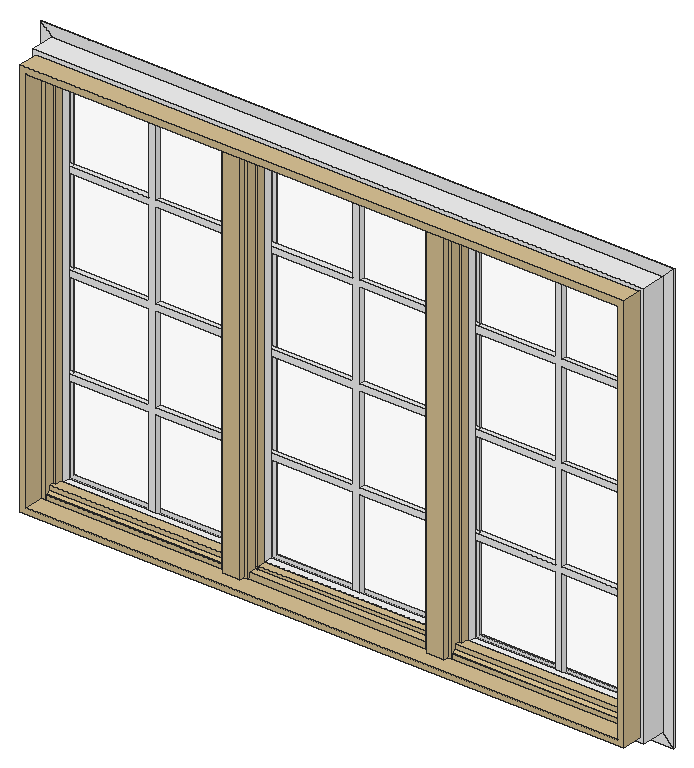
Revit family
Parameters (values of type "C34")
  Description = "400 Series Casement - Triple Sash"
  Default Sill Height = Default Head Height - Height  # 2' - 8"
  Default Head Height = 6' - 8"
  Height = 4' - 0"
  Installation Flange Inset [instance] = 0' - 0 3/4"
  Manufacturer = "Andersen Corporation"
  Construction Type = "Vinyl Clad Wood"
  Model = "C34"
  Type Comments = "Shown w/ Optional Extension Jamb"
  Wall Closure = (empty or 0)
  Width = 5' - 11 7/8"
Types (3): name | Default Sill Height | Height | Model
  (no name) | 2' - 8" | 4' - 0" | "C34"
  C34 | 2' - 8" | 4' - 0" | "C34"
  C345 | 2' - 3 3/16" | 4' - 4 13/16" | "C345"
Reference planes (in)
  plane 1: y = 0
  plane 2: z = 0
  plane 3 "Center": x = -1.33656
  plane 4 "Right": x = -37.27406
  plane 5 "Right": x = 34.60094
  plane 6 "Sill": z = 32
  plane 7 "Head Height": z = 80
  plane 8 "Installation Flange": y = 2.25
  plane 9: z = 45.0658
  plane 10: x = 32.67324
  plane 11: z = 66.9342
  plane 12: z = 34.13159
  plane 13: x = -25.22277
  plane 14: x = -15.10117
  plane 15: x = -35.34437
  plane 16: x = 22.54855
  plane 17: x = 12.42386
  plane 18: z = 77.86841
  plane 19: x = -13.31572
  plane 20: x = 10.64261
  plane 21: x = 8.86136
  plane 22: x = -11.53447
  plane 23: z = 56
  plane 24: x = -36.13006
  plane 25: z = 56
  plane 26: x = -35.58306
  plane 27: x = -14.86272
  plane 28: x = -11.76872
  plane 29: x = 9.09561
Forms (in)
  Sweep 1, solid
    path origin (0, 0, 0) x (0, 0, -1) y (1, 0, 0)
      loop
        line (-32, 34.60094) -> (-80, 34.60094) -> (-80, -37.27406) -> (-32, -37.27406) -> (-32, 34.60094)
    profile origin (-1.33656, 0, 0) x (0, 0, -1) y (0, -1, 0)
      loop
        line (-30.75, -2.25) -> (-32, -2.25) -> (-32, -2.375) -> (-30.75, -2.375) -> (-30.75, -2.25)
  Sweep 2, solid
    path origin (0, 2.5975, 0) x (0, 0, -1) y (1, 0, 0)
      loop
        line (-32, -14.00322) -> (-32, -36.69431)
    profile origin (-25.34876, 2.5975, 0) x (0, 0, -1) y (0, -1, 0)
      loop
        line (-78.07301, -0.652) -> (-78.01692, -0.21179) -> (-77.59914, -0.19789) -> (-77.49341, 0) -> (-78.12236, 0) -> (-78.12236, 0.625) -> (-77.59336, 0.625) -> (-77.71221, 1.348) -> (-78.39817, 1.348) -> (-78.49115, 0.8165) -> (-79.21636, 0.8165) -> (-79.21636, -0.652) -> (-78.07301, -0.652)
      loop
        line (-34.25943, 1.348) -> (-34.37828, 0.625) -> (-33.87764, 0.625) -> (-33.87764, 0) -> (-34.50659, 0) -> (-34.40086, -0.19789) -> (-33.98308, -0.21179) -> (-33.92699, -0.652) -> (-32.78364, -0.652) -> (-32.78364, 0.8165) -> (-33.50885, 0.8165) -> (-33.60183, 1.348) -> (-34.25943, 1.348)
  Sweep 3, solid
    path origin (0, 2.5975, 0) x (0, 0, -1) y (1, 0, 0)
      loop
        line (-32, 34.60094) -> (-32, -37.27406)
    profile origin (-1.33656, 2.5975, 0) x (0, 0, -1) y (0, -1, 0)
      loop
        line (-80, -0.9645) -> (-79.31202, -0.9645) -> (-79.31202, 0.8165) -> (-78.576, 0.8165) -> (-78.576, 3.1955) -> (-80, 3.1955) -> (-80, -0.9645)
      loop
        line (-32.68798, -0.9645) -> (-32, -0.9645) -> (-32, 3.1955) -> (-33.424, 3.1955) -> (-33.424, 0.8165) -> (-32.68798, 0.8165) -> (-32.68798, -0.9645)
  Sweep 4, solid
    path origin (0, 2.5975, 0) x (0, 0, -1) y (1, 0, 0)
      loop
        line (-32, 33.25234) -> (-32, 11.89261)
    profile origin (22.57248, 2.5975, 0) x (0, 0, -1) y (0, -1, 0)
      loop
        line (-78.576, 1.348) -> (-77.699, 1.348) -> (-77.699, 2.34528) -> (-78.059, 2.3655) -> (-78.059, 3.348) -> (-78.85725, 3.348) -> (-78.85725, 3.1955) -> (-78.576, 3.1955) -> (-78.576, 1.348)
      loop
        line (-33.424, 1.348) -> (-33.424, 3.1955) -> (-33.15575, 3.1955) -> (-33.15575, 3.348) -> (-33.707, 3.348) -> (-33.707, 3.2155) -> (-34.019, 2.9305) -> (-34.553, 2.88793) -> (-34.553, 1.6315) -> (-34.255, 1.348) -> (-33.424, 1.348)
  Sweep 5, solid
    path origin (0, 2.5975, 0) x (0, 0, -1) y (1, 0, 0)
      loop
        line (-32, 34.14394) -> (-32, -36.81706)
    profile origin (-1.33656, 2.5975, 0) x (0, 0, -1) y (0, -1, 0)
      loop
        line (-79.54425, 5.5975) -> (-79.54425, 3.1955) -> (-78.85725, 3.1955) -> (-78.85725, 5.5975) -> (-79.54425, 5.5975)
      loop
        line (-33.15575, 5.5975) -> (-33.15575, 3.1955) -> (-32.46875, 3.1955) -> (-32.46875, 5.5975) -> (-33.15575, 5.5975)
  Sweep 6, solid
    path origin (0, 2.5975, 0) x (0, 0, -1) y (1, 0, 0)
      loop
        line (-32.78364, -37.27406) -> (-79.21636, -37.27406)
    profile origin (0, 2.5975, 56) x (-1, 0, 0) y (0, -1, 0)
      loop
        line (34.97135, 0) -> (35.07709, -0.19789) -> (35.49486, -0.21179) -> (35.55096, -0.652) -> (36.69431, -0.652) -> (36.69431, 0.8165) -> (35.9691, 0.8165) -> (35.87612, 1.348) -> (35.19016, 1.348) -> (35.07131, 0.625) -> (35.60031, 0.625) -> (35.60031, 0) -> (34.97135, 0)
      loop
        line (15.47617, 0) -> (14.84722, 0) -> (14.84722, 0.625) -> (15.37622, 0.625) -> (15.25737, 1.348) -> (14.57141, 1.348) -> (14.47843, 0.8165) -> (13.75322, 0.8165) -> (13.75322, -0.652) -> (14.89657, -0.652) -> (14.95267, -0.21179) -> (15.37044, -0.19789) -> (15.47617, 0)
  Sweep 7, solid
    path origin (0, 0, 0) x (0, 0, -1) y (1, 0, 0)
      loop
        line (-79.54425, -37.27406) -> (-32.46875, -37.27406)
    profile origin (0, 0, 56.0065) x (0, -1, 0) y (1, 0, 0)
      loop
        line (0.598, -36.81706) -> (3, -36.81706) -> (3, -36.13006) -> (0.598, -36.13006) -> (0.598, -36.81706)
      loop
        line (0.598, 34.14394) -> (0.598, 33.45694) -> (3, 33.45694) -> (3, 34.14394) -> (0.598, 34.14394)
  Sweep 8, solid
    path origin (0, 2.5975, 0) x (0, 0, -1) y (1, 0, 0)
      loop
        line (-32, 34.60094) -> (-80, 34.60094)
    profile origin (0, 2.5975, 56) x (-1, 0, 0) y (0, -1, 0)
      loop
        line (-34.11494, 0.8165) -> (-33.45694, 0.8165) -> (-33.45694, 3.1955) -> (-34.60094, 3.1955) -> (-34.60094, -0.9645) -> (-34.11494, -0.9645) -> (-34.11494, 0.8165)
      loop
        line (36.78806, 0.8165) -> (36.78806, -0.9645) -> (37.27406, -0.9645) -> (37.27406, 3.1955) -> (36.13006, 3.1955) -> (36.13006, 0.8165) -> (36.78806, 0.8165)
  Sweep 9, solid
    path origin (0, 0, 0) x (0, 0, -1) y (1, 0, 0)
      loop
        line (-78.85725, -37.27406) -> (-33.15575, -37.27406)
    profile origin (0, 0, 56.0065) x (0, -1, 0) y (1, 0, 0)
      loop
        line (0.768, -36.13006) -> (0.768, -35.58306) -> (-0.232, -35.58306) -> (-0.25222, -35.22306) -> (-1.2495, -35.22306) -> (-1.2495, -36.13006) -> (0.768, -36.13006)
      loop
        line (0.768, -14.31572) -> (-1.2495, -14.31572) -> (-1.2495, -15.22272) -> (-0.25222, -15.22272) -> (-0.232, -14.86272) -> (0.768, -14.86272) -> (0.768, -14.31572)
      loop
        line (0.768, 11.64261) -> (0.768, 12.18961) -> (-0.232, 12.18961) -> (-0.25222, 12.54961) -> (-1.2495, 12.54961) -> (-1.2495, 11.64261) -> (0.768, 11.64261)
      loop
        line (0.768, 33.45694) -> (-1.2495, 33.45694) -> (-1.2495, 32.54994) -> (-0.25222, 32.54994) -> (-0.232, 32.90994) -> (0.768, 32.90994) -> (0.768, 33.45694)
      loop
        line (0.768, 9.64261) -> (-1.2495, 9.64261) -> (-1.2495, 8.73561) -> (-0.25222, 8.73561) -> (-0.232, 9.09561) -> (0.768, 9.09561) -> (0.768, 9.64261)
      loop
        line (0.768, -12.31572) -> (0.768, -11.76872) -> (-0.232, -11.76872) -> (-0.25222, -11.40872) -> (-1.2495, -11.40872) -> (-1.2495, -12.31572) -> (0.768, -12.31572)
  Extrusion 10, solid
    sketch origin (0, 2.5975, 0) x (0, 0, 1) y (1, 0, 0)
      loop
        line (67.3092, -35.34437) -> (67.3092, -25.59777) -> (77.86841, -25.59777) -> (77.86841, -24.84777) -> (67.3092, -24.84777) -> (67.3092, -15.10117) -> (66.5592, -15.10117) -> (66.5592, -24.84777) -> (56.375, -24.84777) -> (56.375, -15.10117) -> (55.625, -15.10117) -> (55.625, -24.84777) -> (45.4408, -24.84777) -> (45.4408, -15.10117) -> (44.6908, -15.10117) -> (44.6908, -24.84777) -> (34.13159, -24.84777) -> (34.13159, -25.59777) -> (44.6908, -25.59777) -> (44.6908, -35.34437) -> (45.4408, -35.34437) -> (45.4408, -25.59777) -> (55.625, -25.59777) -> (55.625, -35.34437) -> (56.375, -35.34437) -> (56.375, -25.59777) -> (66.5592, -25.59777) -> (66.5592, -35.34437) -> (67.3092, -35.34437)
    from -0.625 to 0
  Extrusion 11, solid
    sketch origin (0, 2.5975, 0) x (0, 0, -1) y (1, 0, 0)
      loop
        line (-34.13159, -15.10117) -> (-77.875, -15.10117) -> (-77.875, -35.34437) -> (-34.13159, -35.34437) -> (-34.13159, -15.10117)
    from 0 to 0.625
  Sweep 12, solid
    path origin (0, 2.5975, 0) x (0, 0, -1) y (1, 0, 0)
      loop
        line (-78.85725, -1.33656) -> (-33.15575, -1.33656)
    profile origin (0, 2.5975, 56.0065) x (0, -1, 0) y (1, 0, 0)
      loop
        line (2.88793, -14.31572) -> (3.8655, -14.31572) -> (3.8655, -12.31572) -> (2.88793, -12.31572) -> (2.88793, -14.31572)
      loop
        line (2.88793, 11.64261) -> (2.88793, 9.64261) -> (3.8655, 9.64261) -> (3.8655, 11.64261) -> (2.88793, 11.64261)
  Sweep 13, solid
    path origin (0, 2.5975, 0) x (0, 0, -1) y (1, 0, 0)
      loop
        line (-32.78364, 32.67324) -> (-78.87598, 32.67324)
    profile origin (0, 2.5975, 55.82981) x (-1, 0, 0) y (0, -1, 0)
      loop
        line (-32.29824, 0) -> (-32.92719, 0) -> (-32.92719, 0.625) -> (-32.39819, 0.625) -> (-32.51704, 1.348) -> (-33.203, 1.348) -> (-33.29599, 0.8165) -> (-34.02119, 0.8165) -> (-34.02119, -0.652) -> (-32.87785, -0.652) -> (-32.82175, -0.21179) -> (-32.40398, -0.19789) -> (-32.29824, 0)
      loop
        line (-12.80306, 0) -> (-12.69733, -0.19789) -> (-12.27956, -0.21179) -> (-12.22346, -0.652) -> (-11.08011, -0.652) -> (-11.08011, 0.8165) -> (-11.80532, 0.8165) -> (-11.8983, 1.348) -> (-12.58426, 1.348) -> (-12.70311, 0.625) -> (-12.17411, 0.625) -> (-12.17411, 0) -> (-12.80306, 0)
  Sweep 14, solid
    path origin (0, 2.5975, 0) x (0, 0, -1) y (1, 0, 0)
      loop
        line (-32.68798, 34.02119) -> (-32.68798, 11.08011)
    profile origin (22.55065, 2.5975, 0) x (0, 0, -1) y (0, -1, 0)
      loop
        line (-78.07363, -0.652) -> (-78.01753, -0.21179) -> (-77.59976, -0.19789) -> (-77.49402, 0) -> (-78.12298, 0) -> (-78.12298, 0.625) -> (-77.59398, 0.625) -> (-77.71282, 1.348) -> (-78.39879, 1.348) -> (-78.49177, 0.8165) -> (-79.21636, 0.8165) -> (-79.21636, -0.652) -> (-78.07363, -0.652)
      loop
        line (-34.28779, 1.348) -> (-34.40664, 0.625) -> (-33.87764, 0.625) -> (-33.87764, 0) -> (-34.50659, 0) -> (-34.40086, -0.19789) -> (-33.98308, -0.21179) -> (-33.92699, -0.652) -> (-32.78364, -0.652) -> (-32.78364, 0.8165) -> (-33.50885, 0.8165) -> (-33.60183, 1.348) -> (-34.28779, 1.348)
  Sweep 15, solid
    path origin (0, 2.5975, 0) x (0, 0, -1) y (1, 0, 0)
      loop
        line (-79.31202, -1.33656) -> (-32.68798, -1.33656)
    profile origin (0, 2.5975, 56) x (0, -1, 0) y (1, 0, 0)
      loop
        line (0.8165, 9.64261) -> (2.88793, 9.64261) -> (2.88793, 11.64261) -> (0.8165, 11.64261) -> (0.8165, 11.04546) -> (-0.9645, 10.88964) -> (-0.9645, 10.39558) -> (0.8165, 10.23976) -> (0.8165, 9.64261)
      loop
        line (0.8165, -14.31572) -> (2.88793, -14.31572) -> (2.88793, -12.31572) -> (0.8165, -12.31572) -> (0.8165, -12.91287) -> (-0.9645, -13.06869) -> (-0.9645, -13.56275) -> (0.8165, -13.71857) -> (0.8165, -14.31572)
  Extrusion 16, solid
    sketch origin (0, 2.5975, 0) x (0, 0, -1) y (1, 0, 0)
      loop
        line (-77.875, 32.67324) -> (-77.875, 12.42386) -> (-34.13159, 12.42386) -> (-34.13159, 32.67324) -> (-77.875, 32.67324)
    from 0 to 0.625
  Extrusion 17, solid
    sketch origin (0, 2.5975, 0) x (0, 0, -1) y (1, 0, 0)
      loop
        line (-44.6908, 22.92355) -> (-44.6908, 32.67324) -> (-45.4408, 32.67324) -> (-45.4408, 22.92355) -> (-55.625, 22.92355) -> (-55.625, 32.67324) -> (-56.375, 32.67324) -> (-56.375, 22.92355) -> (-66.5592, 22.92355) -> (-66.5592, 32.67324) -> (-67.3092, 32.67324) -> (-67.3092, 22.92355) -> (-77.86841, 22.92355) -> (-77.86841, 22.17355) -> (-67.3092, 22.17355) -> (-67.3092, 12.42386) -> (-66.5592, 12.42386) -> (-66.5592, 22.17355) -> (-56.375, 22.17355) -> (-56.375, 12.42386) -> (-55.625, 12.42386) -> (-55.625, 22.17355) -> (-45.4408, 22.17355) -> (-45.4408, 12.42386) -> (-44.6908, 12.42386) -> (-44.6908, 22.17355) -> (-34.13159, 22.17355) -> (-34.13159, 22.92355) -> (-44.6908, 22.92355)
    from 0 to 0.625
  Sweep 18, solid
    path origin (0, 2.5975, 0) x (0, 0, -1) y (1, 0, 0)
      loop
        line (-32.78364, 9.64261) -> (-79.21636, 9.64261)
    profile origin (0, 2.5975, 56) x (-1, 0, 0) y (0, -1, 0)
      loop
        line (11.15527, 0) -> (11.26101, -0.19789) -> (11.67878, -0.21179) -> (11.73487, -0.652) -> (12.87822, -0.652) -> (12.87822, 0.8165) -> (12.15302, 0.8165) -> (12.06003, 1.348) -> (11.37407, 1.348) -> (11.25522, 0.625) -> (11.78422, 0.625) -> (11.78422, 0) -> (11.15527, 0)
      loop
        line (-8.48216, 0) -> (-9.11111, 0) -> (-9.11111, 0.625) -> (-8.58211, 0.625) -> (-8.70096, 1.348) -> (-9.38692, 1.348) -> (-9.4799, 0.8165) -> (-10.20511, 0.8165) -> (-10.20511, -0.652) -> (-9.06176, -0.652) -> (-9.00567, -0.21179) -> (-8.58789, -0.19789) -> (-8.48216, 0)
  Sweep 19, solid
    path origin (0, 2.5975, 0) x (0, 0, -1) y (1, 0, 0)
      loop
        line (-32.68798, 10.20511) -> (-32.68798, -12.87822)
    profile origin (-1.33656, 2.5975, 0) x (0, 0, -1) y (0, -1, 0)
      loop
        line (-78.07363, -0.652) -> (-78.01753, -0.21179) -> (-77.59976, -0.19789) -> (-77.49402, 0) -> (-78.12298, 0) -> (-78.12298, 0.625) -> (-77.59398, 0.625) -> (-77.71282, 1.348) -> (-78.39879, 1.348) -> (-78.49177, 0.8165) -> (-79.21636, 0.8165) -> (-79.21636, -0.652) -> (-78.07363, -0.652)
      loop
        line (-34.28779, 1.348) -> (-34.40664, 0.625) -> (-33.87764, 0.625) -> (-33.87764, 0) -> (-34.50659, 0) -> (-34.40086, -0.19789) -> (-33.98308, -0.21179) -> (-33.92699, -0.652) -> (-32.78364, -0.652) -> (-32.78364, 0.8165) -> (-33.50885, 0.8165) -> (-33.60183, 1.348) -> (-34.28779, 1.348)
  Extrusion 20, solid
    sketch origin (0, 2.5975, 0) x (0, 0, -1) y (1, 0, 0)
      loop
        line (-77.86841, 8.86136) -> (-77.86841, -11.53447) -> (-34.13159, -11.53447) -> (-34.13159, 8.86136) -> (-77.86841, 8.86136)
    from 0 to 0.625
  Extrusion 21, solid
    sketch origin (0, 2.5975, 0) x (0, 0, -1) y (1, 0, 0)
      loop
        line (-44.6908, -1.61563) -> (-34.13159, -1.61563) -> (-34.13159, -0.86563) -> (-44.6908, -0.86563) -> (-44.6908, 8.86136) -> (-45.4408, 8.86136) -> (-45.4408, -0.86563) -> (-55.625, -0.86563) -> (-55.625, 8.86136) -> (-56.375, 8.86136) -> (-56.375, -0.86563) -> (-66.5592, -0.86563) -> (-66.5592, 8.86136) -> (-67.3092, 8.86136) -> (-67.3092, -0.86563) -> (-77.86841, -0.86563) -> (-77.86841, -1.61563) -> (-67.3092, -1.61563) -> (-67.3092, -11.53447) -> (-66.5592, -11.53447) -> (-66.5592, -1.61563) -> (-56.375, -1.61563) -> (-56.375, -11.53447) -> (-55.625, -11.53447) -> (-55.625, -1.61563) -> (-45.4408, -1.61563) -> (-45.4408, -11.53447) -> (-44.6908, -11.53447) -> (-44.6908, -1.61563)
    from 0 to 0.625
  Sweep 22, solid
    path origin (-47.77442, 2.5975, 0) x (0, 0, -1) y (1, 0, 0)
      loop
        line (-32, 32.91169) -> (-32, 12.19136)
    profile origin (-25.22289, 2.5975, 0) x (0, 0, -1) y (0, -1, 0)
      loop
        line (-78.576, 1.348) -> (-77.699, 1.348) -> (-77.699, 2.34528) -> (-78.059, 2.3655) -> (-78.059, 3.348) -> (-78.85725, 3.348) -> (-78.85725, 3.1955) -> (-78.576, 3.1955) -> (-78.576, 1.348)
      loop
        line (-33.424, 1.348) -> (-33.424, 3.1955) -> (-33.15575, 3.1955) -> (-33.15575, 3.348) -> (-33.707, 3.348) -> (-33.707, 3.2155) -> (-34.019, 2.9305) -> (-34.553, 2.88793) -> (-34.553, 1.6315) -> (-34.255, 1.348) -> (-33.424, 1.348)
  Sweep 23, solid
    path origin (-23.81188, 2.5975, 0) x (0, 0, -1) y (1, 0, 0)
      loop
        line (-32, 32.90749) -> (-32, 12.04316)
    profile origin (-1.33656, 2.5975, 0) x (0, 0, -1) y (0, -1, 0)
      loop
        line (-78.576, 1.348) -> (-77.699, 1.348) -> (-77.699, 2.34528) -> (-78.059, 2.3655) -> (-78.059, 3.348) -> (-78.85725, 3.348) -> (-78.85725, 3.1955) -> (-78.576, 3.1955) -> (-78.576, 1.348)
      loop
        line (-33.424, 1.348) -> (-33.424, 3.1955) -> (-33.15575, 3.1955) -> (-33.15575, 3.348) -> (-33.88001, 3.348) -> (-33.88001, 2.3779) -> (-34.255, 2.348) -> (-34.255, 1.348) -> (-33.424, 1.348)
Cuts and joins
  joined: Sweep 2, Sweep 6
  joined: Sweep 5, Sweep 7
  joined: Sweep 3, Sweep 8
  joined: Sweep 13, Sweep 14
  joined: Sweep 4, Sweep 9
  joined: Sweep 18, Sweep 19
Lines and regions (in)
  Opening 1
    outline origin (-60, -3, 0) x (1, 0, 0) y (0, 0, 1)
      loop
        line (22.47594, 80.25) -> (22.47594, 31.75) -> (94.85094, 31.75) -> (94.85094, 80.25) -> (22.47594, 80.25)
  symbolic lines, style "Elevation Swing"
    curve 1: line (32.19937, 0, 55.98564) -> (12.4438, 0, 78.22853)
    curve 2: line (32.19937, 0, 55.98564) -> (12.4438, 0, 33.60013)
    curve 3: line (-34.8705, 0, 55.83968) -> (-15.12111, 0, 78.22853)
    curve 4: line (-34.8705, 0, 55.83968) -> (-15.12111, 0, 33.60013)
  symbolic lines
    curve 5: line (-37.27406, 3.562, 0) -> (-37.27406, -0.598, 0)
    curve 6: line (-36.13006, 3.562, 0) -> (-37.27406, 3.562, 0)
    curve 7: line (-36.81706, -0.598, 0) -> (-36.81706, -3, 0)
    curve 8: line (-37.27406, -0.598, 0) -> (-36.81706, -0.598, 0)
    curve 9: line (-36.13006, 3.2495, 0) -> (-36.13006, 3.562, 0)
    curve 10: line (-34.97135, 3.2495, 0) -> (-36.13006, 3.2495, 0)
    curve 11: line (-36.13006, 1.2495, 0) -> (-34.97135, 1.2495, 0)
    curve 12: line (-34.97135, 1.2495, 0) -> (-34.97135, 3.2495, 0)
    curve 13: line (-36.13006, -3, 0) -> (-36.13006, 1.2495, 0)
    curve 14: line (-36.81706, -3, 0) -> (-36.13006, -3, 0)
    curve 15: line (-34.97135, 2.5975, 0) -> (-15.65406, 2.5975, 0)
    curve 16: line (-14.31572, 3.562, 0) -> (-12.36856, 3.562, 0)
    curve 17: line (-14.31572, 3.2495, 0) -> (-14.31572, 3.562, 0)
    curve 18: line (-15.45624, 3.2495, 0) -> (-14.31572, 3.2495, 0)
    curve 19: line (-14.31572, 1.2495, 0) -> (-15.45624, 1.2495, 0)
    curve 20: line (-15.45624, 1.2495, 0) -> (-15.45624, 3.2495, 0)
    curve 21: line (-14.31572, -1.268, 0) -> (-14.31572, 1.2495, 0)
    curve 22: line (-14.31572, -1.268, 0) -> (-12.31572, -1.268, 0)
    curve 23: line (-12.36856, 3.2495, 0) -> (-12.36856, 3.562, 0)
    curve 24: line (-11.15527, 3.2495, 0) -> (-12.36856, 3.2495, 0)
    curve 25: line (-12.31572, 1.2495, 0) -> (-11.15527, 1.2495, 0)
    curve 26: line (-11.15527, 1.2495, 0) -> (-11.15527, 3.2495, 0)
    curve 27: line (-12.31572, -1.268, 0) -> (-12.31572, 1.2495, 0)
    curve 28: line (8.08991, 2.5975, 0) -> (-10.98159, 2.5975, 0)
    curve 29: line (34.60094, 3.562, 0) -> (34.60094, -0.598, 0)
    curve 30: line (33.45694, 3.562, 0) -> (34.60094, 3.562, 0)
    curve 31: line (34.14394, -0.598, 0) -> (34.14394, -3, 0)
    curve 32: line (34.60094, -0.598, 0) -> (34.14394, -0.598, 0)
    curve 33: line (33.45694, 3.2495, 0) -> (33.45694, 3.562, 0)
    curve 34: line (32.29824, 3.2495, 0) -> (33.45694, 3.2495, 0)
    curve 35: line (33.45694, 1.2495, 0) -> (32.29824, 1.2495, 0)
    curve 36: line (32.29824, 1.2495, 0) -> (32.29824, 3.2495, 0)
    curve 37: line (33.45694, -3, 0) -> (33.45694, 1.2495, 0)
    curve 38: line (34.14394, -3, 0) -> (33.45694, -3, 0)
    curve 39: line (32.29824, 2.5975, 0) -> (12.97674, 2.5975, 0)
    curve 40: line (11.58977, 3.562, 0) -> (9.69545, 3.562, 0)
    curve 41: line (11.58977, 3.2495, 0) -> (11.58977, 3.562, 0)
    curve 42: line (12.80306, 3.2495, 0) -> (11.58977, 3.2495, 0)
    curve 43: line (11.64261, 1.2495, 0) -> (12.80306, 1.2495, 0)
    curve 44: line (12.80306, 1.2495, 0) -> (12.80306, 3.2495, 0)
    curve 45: line (11.64261, -1.268, 0) -> (11.64261, 1.2495, 0)
    curve 46: line (11.64261, -1.268, 0) -> (9.64261, -1.268, 0)
    curve 47: line (9.69545, 3.2495, 0) -> (9.69545, 3.562, 0)
    curve 48: line (8.48216, 3.2495, 0) -> (9.69545, 3.2495, 0)
    curve 49: line (9.64261, 1.2495, 0) -> (8.48216, 1.2495, 0)
    curve 50: line (8.48216, 1.2495, 0) -> (8.48216, 3.2495, 0)
    curve 51: line (9.64261, -1.268, 0) -> (9.64261, 1.2495, 0)
    curve 52: line (8.08991, 1.9725, 0) -> (-10.98159, 1.9725, 0)
    curve 53: line (32.29824, 1.9725, 0) -> (12.97674, 1.9725, 0)
    curve 54: line (-34.97135, 1.9725, 0) -> (-15.65406, 1.9725, 0)
Text (in)
  text "EXTERIOR" at (-56.58296, 30.41546, 0), in view "Ref. Level"
  text "INTERIOR" at (-58.6888, -13.80711, 0), in view "Ref. Level"
  text "Exterior" at (0, 28.69995, 90.16741), in view "Left"
  text "Exterior" at (0, 18.29385, 125.04747), in view "Right"
Dimensions and locks (in)
  equal spacing: plane 4 "Right", plane 3 "Center", plane 5 "Right"
  "Width": plane 4 "Right" to plane 5 "Right"
  "Height": plane 6 "Sill" to plane 7 "Head Height"
  locked: plane 5 "Right" to Opening 1 sketch curve at 0.25
  locked: plane 7 "Head Height" to Opening 1 sketch curve at 0.25
  locked: Opening 1 sketch curve to plane 4 "Right" at 0.25
  locked: Opening 1 sketch curve to plane 6 "Sill" at 0.25
  "Installation Flange Inset": host wall to plane 8 "Installation Flange"
  Sweep 1 sketch curve to plane 6 "Sill" = 0' - 1 1/4"
  locked: Sweep 1 sketch curve to plane 8 "Installation Flange" at 0.125
  locked: plane 4 "Right" to Sweep 6 sketch curve at 0.57975
  plane 4 "Right" to Sweep 7 sketch curve to Sweep 7 sketch curve = 0' - 0.457" locked, 0' - 0.687" locked
  Sweep 7 sketch curve to Sweep 7 sketch curve to plane 5 "Right" = 0' - 0.687" locked, 0' - 0.457" locked
  plane 6 "Sill" to Sweep 4 sketch curve to Sweep 4 sketch curve = 0' - 1.424" locked, 0' - 1.129" locked
  Sweep 4 sketch curve to Sweep 4 sketch curve to plane 7 "Head Height" = 0' - 0.877" locked, 0' - 1.424" locked
  Sweep 2 sketch curve to Sweep 2 sketch curve to plane 7 "Head Height" = 0' - 1.14335" locked, 0' - 0.78364" locked
  Sweep 2 sketch curve to plane 8 "Installation Flange" to Sweep 2 sketch curve to Sweep 2 sketch curve = 0' - 0.9995" locked, 0' - 0.469" locked, 0' - 0.5315" locked
  locked: plane 8 "Installation Flange" to Sweep 5 sketch curve at 2.848
  locked: Sweep 5 sketch curve to plane 7 "Head Height" at 1.14275
  locked: plane 6 "Sill" to Sweep 5 sketch curve at 1.15575
  Sweep 3 sketch curve to Sweep 3 sketch curve to plane 7 "Head Height" = 0' - 0.73602" locked, 0' - 0.68798" locked
  plane 6 "Sill" to Sweep 3 sketch curve to Sweep 3 sketch curve = 0' - 0" locked, 0' - 1.424" locked
  Sweep 9 sketch curve to Sweep 9 sketch curve to plane 8 "Installation Flange" = 0' - 2.0175" locked, 0' - 1.0005" locked
  plane 4 "Right" to Sweep 9 sketch curve to Sweep 9 sketch curve = 0' - 1.144" locked, 0' - 0.907" locked
  plane 8 "Installation Flange" to Sweep 4 sketch curve to Sweep 4 sketch curve = 0' - 1.0005" locked, 0' - 2" locked
  Sweep 3 sketch curve to plane 8 "Installation Flange" to Sweep 3 sketch curve = 0' - 1.312" locked, 0' - 2.848" locked
  Sweep 6 sketch curve to plane 8 "Installation Flange" to Sweep 6 sketch curve = 0' - 1.0005" locked, 0' - 0.9995" locked
  plane 10 to plane 5 "Right" = 0' - 1.9277"
  equal spacing: Extrusion 10 sketch curve, plane 13, Extrusion 10 sketch curve
  Extrusion 10 sketch curve to Extrusion 10 sketch curve = 0' - 0 3/4"
  Extrusion 10 sketch curve to plane 11 to Extrusion 10 sketch curve = 0' - 0 3/8" locked, 0' - 0 3/8" locked
  Sweep 9 sketch curve to Sweep 9 sketch curve to plane 19 to Sweep 9 sketch curve to Sweep 9 sketch curve = 0' - 0.907" locked, 0' - 1" locked, 0' - 1" locked, 0' - 0.907" locked
  locked: plane 4 "Right" to plane 15 at 1.92969
  equal spacing: plane 14, plane 13, plane 15
  Extrusion 10 sketch curve to plane 9 to Extrusion 10 sketch curve = 0' - 0 3/8" locked, 0' - 0 3/8" locked
  equal spacing: plane 10, plane 16, plane 17
  locked: plane 10 to plane 5 "Right" at 1.9277
  locked: Sweep 14 sketch curve to plane 8 "Installation Flange" at 0.9995
  Sweep 8 sketch curve to plane 8 "Installation Flange" to Sweep 8 sketch curve = 0' - 2.848" locked, 0' - 1.312" locked
  locked: Extrusion 11 sketch curve to plane 7 "Head Height" at 2.125
  locked: plane 18 to plane 7 "Head Height" at 2.13159
  locked: plane 6 "Sill" to plane 12 at 2.13159
  plane 22 to plane 19 to plane 14 = 0' - 1 25/32" locked, 0' - 1.78545" locked
  Sweep 6 sketch curve to plane 19 = 0' - 0 7/16"
  plane 21 to plane 20 to plane 17 = 0' - 1 25/32" locked, 0' - 1 25/32" locked
  locked: plane 20 to Sweep 13 sketch curve at 0.4375
  equal spacing: plane 4 "Right", plane 19, plane 20, plane 5 "Right"
  locked: Sweep 18 sketch curve to plane 7 "Head Height" at 0.78364
  locked: plane 6 "Sill" to Sweep 18 sketch curve at 0.78364
  locked: plane 8 "Installation Flange" to Sweep 18 sketch curve at 0.9995
  locked: Sweep 19 sketch curve to plane 7 "Head Height" at 0.78364
  Sweep 19 sketch curve to plane 8 "Installation Flange" to Sweep 19 sketch curve = 0' - 0.9995" locked, 0' - 1.0005" locked  (x2)
  plane 6 "Sill" to Sweep 19 sketch curve = 0' - 0.78364"
  Sweep 9 sketch curve to Sweep 9 sketch curve to plane 20 to Sweep 9 sketch curve to Sweep 9 sketch curve = 0' - 0.907" locked, 0' - 1" locked, 0' - 1" locked, 0' - 0.907" locked
  Sweep 9 sketch curve to Sweep 9 sketch curve to plane 5 "Right" = 0' - 0.907" locked, 0' - 1.144" locked
  plane 4 "Right" to plane 5 "Right" = 5' - 11 7/8"
  Sweep 12 sketch curve to plane 19 to Sweep 12 sketch curve = 0' - 1" locked, 0' - 1" locked
  Sweep 12 sketch curve to plane 20 to Sweep 12 sketch curve = 0' - 1" locked, 0' - 1" locked
  Sweep 9 sketch curve to plane 19 to Sweep 9 sketch curve = 0' - 1.547" locked, 0' - 1.547" locked
  Sweep 9 sketch curve to plane 20 to Sweep 9 sketch curve = 0' - 1.547" locked, 0' - 1.547" locked
  equal spacing: plane 6 "Sill", plane 23, plane 7 "Head Height"
  locked: Sweep 18 sketch curve to plane 20 at 0.4375
  locked: plane 19 to Sweep 18 sketch curve at 0.4375
  Sweep 12 sketch curve to Sweep 12 sketch curve to plane 8 "Installation Flange" = 0' - 0.97757" locked, 0' - 2.54043" locked
  Sweep 15 sketch curve to plane 8 "Installation Flange" to Sweep 15 sketch curve = 0' - 2.54043" locked, 0' - 1.312" locked
  Sweep 15 sketch curve to plane 19 to Sweep 15 sketch curve = 0' - 1" locked, 0' - 1" locked
  Sweep 15 sketch curve to plane 20 to Sweep 15 sketch curve = 0' - 1" locked, 0' - 1" locked
  Sweep 15 sketch curve to plane 20 to Sweep 15 sketch curve = 0' - 0.24703" locked, 0' - 0.24703" locked
  Sweep 15 sketch curve to plane 19 to Sweep 15 sketch curve = 0' - 0.24703" locked, 0' - 0.24703" locked
  Sweep 15 sketch curve to plane 19 to Sweep 15 sketch curve = 0' - 0.40285" locked, 0' - 0.40285" locked
  Sweep 15 sketch curve to plane 20 to Sweep 15 sketch curve = 0' - 0.40285" locked, 0' - 0.40285" locked
  locked: Extrusion 10 sketch curve to plane 25 at 0.375
  locked: plane 25 to Extrusion 10 sketch curve at 0.375
  equal spacing: plane 12, plane 9, plane 25, plane 11, plane 18
  locked: Sweep 22 sketch curve to Sweep 22 sketch curve at 1.129
  locked: Sweep 22 sketch curve to Sweep 22 sketch curve at 0.877
  locked: Sweep 22 sketch curve to Sweep 22 sketch curve at 2
  locked: Sweep 1 to Sweep 22 sketch curve at 1.1255
  locked: plane 7 "Head Height" to Sweep 22 sketch curve at 1.424
  locked: Sweep 22 sketch curve to plane 6 "Sill" at 1.424
  Sweep 1 to Sweep 22 sketch curve to Sweep 22 sketch curve = 0' - 1.1255" locked, 0' - 2" locked
  locked: plane 14 to plane 27 at 0.23845
  locked: plane 26 to plane 15 at 0.23869
  locked: Sweep 23 sketch curve to Sweep 23 sketch curve at 0.877
  locked: Sweep 23 sketch curve to Sweep 23 sketch curve at 2
  locked: plane 7 "Head Height" to Sweep 23 sketch curve at 1.424
  locked: Sweep 1 to Sweep 23 sketch curve at 1.1255
  Sweep 1 to Sweep 23 sketch curve to Sweep 23 sketch curve = 0' - 1.1255" locked, 0' - 2" locked
  plane 6 "Sill" to Sweep 23 sketch curve to Sweep 23 sketch curve = 0' - 1.424" locked, 0' - 0.831" locked
  locked: plane 28 to plane 22 at 0.23425
  locked: plane 21 to plane 29 at 0.23425
  "Default Sill Height": level to plane 6 "Sill"
  level to plane 7 "Head Height" = 6' - 8"
  aligned and locked: Sweep 1 sketch curve to plane 6 "Sill"
  aligned and locked: plane 7 "Head Height" to Sweep 1 sketch curve
  aligned and locked: Sweep 1 sketch curve to plane 4 "Right"
  aligned and locked: Sweep 1 sketch curve to plane 5 "Right"
  aligned and locked: Sweep 1 sketch curve to plane 8 "Installation Flange"
  aligned and locked: plane 6 "Sill" to Sweep 1 sketch curve
  aligned and locked: Sweep 1 to Sweep 3 sketch curve
  aligned and locked: Sweep 3 sketch curve to plane 6 "Sill"
  aligned and locked: plane 5 "Right" to Sweep 3 sketch curve
  aligned and locked: Sweep 4 sketch curve to plane 6 "Sill"
  aligned and locked: Sweep 5 sketch curve to plane 6 "Sill"
  aligned and locked: host wall to Sweep 5 sketch curve  (x2)
  aligned and locked: Sweep 6 sketch curve to plane 4 "Right"
  aligned and locked: Sweep 2 to Sweep 6 sketch curve  (x2)
  aligned and locked: Sweep 2 sketch curve to plane 6 "Sill"
  aligned and locked: plane 4 "Right" to Sweep 7 sketch curve
  aligned and locked: Sweep 5 to Sweep 7 sketch curve  (x2)
  aligned and locked: Sweep 8 sketch curve to Sweep 3  (x2)
  aligned and locked: Sweep 3 to Sweep 8 sketch curve
  aligned and locked: plane 4 "Right" to Sweep 9 sketch curve
  aligned and locked: Sweep 4 to Sweep 9 sketch curve
  aligned and locked: Sweep 9 sketch curve to Sweep 4
  aligned and locked: Sweep 4 sketch curve to Sweep 4 sketch curve  (x2)
  aligned and locked: Sweep 2 sketch curve to Sweep 2 sketch curve  (x3)
  aligned and locked: Sweep 5 sketch curve to Sweep 5 sketch curve
  aligned and locked: Sweep 3 sketch curve to Sweep 3 sketch curve  (x2)
  aligned and locked: Sweep 9 sketch curve to Sweep 9 sketch curve  (x6)
  aligned and locked: host wall to cut or joined group of Sweep 5, Sweep 7
  aligned and locked: Sweep 6 sketch curve to Sweep 6 sketch curve
  aligned and locked: Extrusion 10 sketch curve to Extrusion 10 sketch curve  (x10)
  aligned and locked: plane 14 to Extrusion 11
  aligned and locked: Extrusion 10 sketch curve to plane 15  (x2)
  aligned and locked: plane 14 to Extrusion 10 sketch curve  (x2)
  aligned and locked: plane 10 to Sweep 13 sketch curve
  aligned and locked: cut or joined group of Sweep 3, Sweep 8 to Sweep 14 sketch curve
  aligned and locked: Sweep 14 sketch curve to Sweep 14 sketch curve  (x3)
  aligned and locked: Sweep 14 sketch curve to cut or joined group of Sweep 2, Sweep 6  (x3)
  aligned and locked: cut or joined group of Sweep 2, Sweep 6 to Sweep 13 sketch curve
  aligned and locked: Sweep 13 sketch curve to cut or joined group of Sweep 2, Sweep 6
  aligned and locked: Sweep 8 sketch curve to Sweep 8 sketch curve  (x2)
  aligned and locked: Sweep 15 sketch curve to cut or joined group of Sweep 3, Sweep 8
  aligned and locked: cut or joined group of Sweep 3, Sweep 8 to Sweep 15 sketch curve
  aligned and locked: Sweep 14 sketch curve to cut or joined group of Sweep 13, Sweep 14
  aligned and locked: Extrusion 16 sketch curve to Extrusion 11
  aligned and locked: plane 17 to Extrusion 16 sketch curve
  aligned and locked: Extrusion 16 sketch curve to plane 10
  aligned and locked: Extrusion 10 sketch curve to plane 18
  aligned and locked: Extrusion 17 sketch curve to Extrusion 17 sketch curve  (x10)
  aligned and locked: Extrusion 11 to Extrusion 17
  aligned and locked: Extrusion 17 to Extrusion 11
  aligned and locked: Extrusion 11 to cut or joined group of Sweep 2, Sweep 6  (x2)
  aligned and locked: Extrusion 10 to Extrusion 11
  aligned and locked: Extrusion 11 to Extrusion 10
  aligned and locked: Extrusion 16 to Extrusion 11  (x2)
  aligned and locked: Sweep 18 sketch curve to Sweep 18 sketch curve  (x2)
  aligned and locked: Extrusion 20 sketch curve to plane 18
  aligned and locked: Extrusion 20 sketch curve to plane 12
  aligned and locked: Extrusion 20 sketch curve to plane 21
  aligned and locked: plane 22 to Extrusion 20 sketch curve
  aligned and locked: Extrusion 11 to Extrusion 20
  aligned and locked: Extrusion 20 to Extrusion 11
  aligned and locked: plane 18 to Extrusion 21 sketch curve
  aligned and locked: Extrusion 21 sketch curve to plane 12
  aligned and locked: Extrusion 21 sketch curve to plane 22  (x2)
  aligned and locked: plane 21 to Extrusion 21 sketch curve  (x2)
  aligned and locked: Extrusion 11 to Extrusion 21
  aligned and locked: Extrusion 21 to Extrusion 11
  aligned and locked: Extrusion 16 sketch curve to plane 12
  aligned and locked: plane 12 to Extrusion 11 sketch curve
  aligned and locked: Sweep 12 sketch curve to Sweep 12 sketch curve  (x2)
  aligned and locked: Sweep 15 sketch curve to Sweep 15 sketch curve  (x2)
  aligned and locked: host wall to Sweep 7 sketch curve
  aligned and locked: Sweep 7 sketch curve to cut or joined group of Sweep 3, Sweep 8
  aligned and locked: Sweep 7 sketch curve to host wall
  aligned and locked: cut or joined group of Sweep 3, Sweep 8 to Sweep 7 sketch curve
  aligned and locked: cut or joined group of Sweep 5, Sweep 7 to Sweep 12 sketch curve  (x2)
  aligned and locked: curve 22 to Sweep 12
  aligned and locked: curve 46 to Sweep 12
  aligned and locked: curve 8 to cut or joined group of Sweep 3, Sweep 8
  aligned and locked: curve 32 to cut or joined group of Sweep 3, Sweep 8
  aligned and locked: cut or joined group of Sweep 2, Sweep 6 to curve 10
  aligned and locked: curve 18 to cut or joined group of Sweep 2, Sweep 6
  aligned and locked: curve 24 to cut or joined group of Sweep 2, Sweep 6
  aligned and locked: cut or joined group of Sweep 2, Sweep 6 to curve 48
  aligned and locked: curve 42 to cut or joined group of Sweep 2, Sweep 6
  aligned and locked: cut or joined group of Sweep 2, Sweep 6 to curve 34
  aligned and locked: curve 30 to cut or joined group of Sweep 3, Sweep 8
  aligned and locked: cut or joined group of Sweep 3, Sweep 8 to curve 40
  aligned and locked: curve 16 to cut or joined group of Sweep 3, Sweep 8
  aligned and locked: cut or joined group of Sweep 3, Sweep 8 to curve 6
  aligned and locked: curve 11 to cut or joined group of Sweep 4, Sweep 9
  aligned and locked: curve 19 to cut or joined group of Sweep 4, Sweep 9
  aligned and locked: cut or joined group of Sweep 4, Sweep 9 to curve 25
  aligned and locked: curve 49 to cut or joined group of Sweep 4, Sweep 9
  aligned and locked: cut or joined group of Sweep 4, Sweep 9 to curve 43
  aligned and locked: curve 35 to cut or joined group of Sweep 4, Sweep 9
  aligned and locked: curve 14 to cut or joined group of Sweep 5, Sweep 7
  aligned and locked: curve 38 to cut or joined group of Sweep 5, Sweep 7
  aligned and locked: Extrusion 21 sketch curve to Extrusion 21 sketch curve  (x2)
  aligned and locked: plane 26 to Sweep 22 sketch curve
  aligned and locked: plane 27 to Sweep 22 sketch curve
  aligned and locked: Sweep 23 sketch curve to plane 6 "Sill"
  aligned and locked: plane 28 to Sweep 23 sketch curve
  aligned and locked: plane 29 to Sweep 23 sketch curve
Automatic sketch dimensions
  Sweep 5 sketch curve to plane 4 "Right" = 0' - 0.457"
  plane 5 "Right" to Sweep 5 sketch curve = 0' - 0.457"
  Sweep 8 sketch curve to profile plane = 0' - 0"
  Sweep 8 sketch curve to Sweep 8 sketch curve = 0' - 0.486"  (x2)
  Sweep 8 sketch curve to Sweep 8 sketch curve = 0' - 1.144"
  Sweep 8 sketch curve to Sweep 8 sketch curve = 0' - 0.658"
  Sweep 8 sketch curve to Sweep 8 sketch curve = 0' - 1.781"  (x2)
  Sweep 8 sketch curve to plane 5 "Right" = 0' - 0"
  Sweep 12 sketch curve to plane 3 "Center" = 0' - 0"
  plane 5 "Right" to Sweep 14 sketch curve = 0' - 0.57975"
  Sweep 15 sketch curve to plane 3 "Center" = 0' - 0"
  Sweep 3 sketch curve to Sweep 3 sketch curve = 0' - 0.68798"
  profile plane to Sweep 3 sketch curve = 0' - 0.68798"
  Sweep 3 sketch curve to Sweep 3 sketch curve = 0' - 1.781"  (x2)
  plane 7 "Head Height" to Sweep 13 sketch curve = 0' - 1.12402"
  Sweep 14 sketch curve to Sweep 14 sketch curve = 0' - 0.72459"
  Sweep 14 sketch curve to Sweep 14 sketch curve = 0' - 0.09298"
  Sweep 14 sketch curve to Sweep 14 sketch curve = 0' - 0.36879"  (x2)
  Sweep 14 sketch curve to Sweep 14 sketch curve = 0' - 0.04935"
  Sweep 14 sketch curve to Sweep 14 sketch curve = 0' - 0.10544"
  Sweep 14 sketch curve to Sweep 14 sketch curve = 0' - 0.68596"  (x2)
  Sweep 14 sketch curve to Sweep 14 sketch curve = 0' - 0.41777"  (x2)
  Sweep 14 sketch curve to Sweep 14 sketch curve = 0' - 0.529"  (x2)
  Sweep 14 sketch curve to Sweep 14 sketch curve = 0' - 0.10573"  (x2)
  profile plane to Sweep 14 sketch curve = 0' - 1.81861"
  Sweep 14 sketch curve to Sweep 14 sketch curve = 0' - 0.09995"
  Sweep 14 sketch curve to Sweep 14 sketch curve = 0' - 0.11885"
  Sweep 14 sketch curve to Sweep 14 sketch curve = 0' - 0.0561"
  profile plane to Sweep 14 sketch curve = 0' - 0.09566"
  Sweep 14 sketch curve to Sweep 14 sketch curve = 0' - 0.44021"  (x2)
  Sweep 14 sketch curve to Sweep 14 sketch curve = 0' - 0.0139"  (x2)
  Sweep 14 sketch curve to Sweep 14 sketch curve = 0' - 0.19789"
  Sweep 14 sketch curve to Sweep 14 sketch curve = 0' - 0.21179"
  Sweep 14 sketch curve to Sweep 14 sketch curve = 0' - 0 5/8"  (x2)
  Sweep 14 sketch curve to Sweep 14 sketch curve = 0' - 0.1915"
  Extrusion 11 sketch curve to plane 14 = 0' - 0"
  Extrusion 11 sketch curve to plane 15 = 0' - 0"
  Sweep 13 sketch curve to plane 6 "Sill" = 0' - 0.78364"
  Sweep 6 sketch curve to Sweep 6 sketch curve = 0' - 0.72521"  (x2)
  Sweep 6 sketch curve to Sweep 6 sketch curve = 0' - 0.09298"
  Sweep 6 sketch curve to Sweep 6 sketch curve = 0' - 0.36879"  (x2)
  Sweep 6 sketch curve to Sweep 6 sketch curve = 0' - 0.04935"
  Sweep 6 sketch curve to Sweep 6 sketch curve = 0' - 0.10544"  (x2)
  Sweep 6 sketch curve to Sweep 6 sketch curve = 0' - 0.68596"  (x2)
  Sweep 6 sketch curve to Sweep 6 sketch curve = 0' - 0.41777"  (x2)
  Sweep 6 sketch curve to Sweep 6 sketch curve = 0' - 0.529"
  Sweep 6 sketch curve to Sweep 6 sketch curve = 0' - 0.10573"  (x2)
  Sweep 6 sketch curve to Sweep 6 sketch curve = 0' - 0.09995"
  Sweep 6 sketch curve to Sweep 6 sketch curve = 0' - 0.11885"
  Sweep 6 sketch curve to Sweep 6 sketch curve = 0' - 0.0561"
  Sweep 6 sketch curve to Sweep 6 sketch curve = 0' - 2"
  Sweep 6 sketch curve to Sweep 6 sketch curve = 0' - 0.44021"  (x2)
  Sweep 6 sketch curve to Sweep 6 sketch curve = 0' - 0.0139"  (x2)
  Sweep 6 sketch curve to Sweep 6 sketch curve = 0' - 0.21179"
  Sweep 6 sketch curve to Sweep 6 sketch curve = 0' - 0.19789"
  Sweep 6 sketch curve to Sweep 6 sketch curve = 0' - 0 5/8"  (x2)
  Sweep 6 sketch curve to Sweep 6 sketch curve = 0' - 0.1915"  (x2)
  Sweep 2 sketch curve to plane 4 "Right" = 0' - 0.57975"
  Sweep 2 sketch curve to plane 19 = 0' - 0 11/16"
  Sweep 18 sketch curve to Sweep 18 sketch curve = 0' - 0.72521"  (x2)
  Sweep 18 sketch curve to Sweep 18 sketch curve = 0' - 0.09298"
  Sweep 18 sketch curve to Sweep 18 sketch curve = 0' - 0.36879"  (x2)
  Sweep 18 sketch curve to Sweep 18 sketch curve = 0' - 0.04935"
  Sweep 18 sketch curve to Sweep 18 sketch curve = 0' - 0.10544"  (x2)
  Sweep 18 sketch curve to Sweep 18 sketch curve = 0' - 0.68596"  (x2)
  Sweep 18 sketch curve to Sweep 18 sketch curve = 0' - 0.41777"  (x2)
  Sweep 18 sketch curve to Sweep 18 sketch curve = 0' - 0.529"
  Sweep 18 sketch curve to Sweep 18 sketch curve = 0' - 0.10573"  (x2)
  Sweep 18 sketch curve to Sweep 18 sketch curve = 0' - 0.09995"
  Sweep 18 sketch curve to Sweep 18 sketch curve = 0' - 0.11885"
  Sweep 18 sketch curve to Sweep 18 sketch curve = 0' - 0.0561"
  Sweep 18 sketch curve to Sweep 18 sketch curve = 0' - 0.44021"  (x2)
  Sweep 18 sketch curve to Sweep 18 sketch curve = 0' - 0.0139"  (x2)
  Sweep 18 sketch curve to Sweep 18 sketch curve = 0' - 0.21179"
  Sweep 18 sketch curve to Sweep 18 sketch curve = 0' - 0.19789"
  Sweep 18 sketch curve to Sweep 18 sketch curve = 0' - 0 5/8"  (x2)
  Sweep 18 sketch curve to Sweep 18 sketch curve = 0' - 0.1915"  (x2)
  Sweep 18 sketch curve to Sweep 18 sketch curve = 0' - 0.723"
  Sweep 9 sketch curve to Sweep 9 sketch curve = 0' - 0"  (x2)
  Sweep 9 sketch curve to Sweep 9 sketch curve = 0' - 0.99728"  (x6)
  Sweep 9 sketch curve to Sweep 9 sketch curve = 0' - 0.02022"  (x6)
  Sweep 9 sketch curve to profile plane = 0' - 1.691"
  Sweep 9 sketch curve to Sweep 9 sketch curve = 0' - 1"  (x2)
  Sweep 9 sketch curve to Sweep 9 sketch curve = 0' - 0.36"
  Sweep 15 sketch curve to Sweep 15 sketch curve = 0' - 0"  (x2)
  Sweep 15 sketch curve to Sweep 15 sketch curve = 0' - 1.781"  (x2)
  Sweep 4 sketch curve to plane 17 = 0' - 0 17/32"
  plane 10 to Sweep 4 sketch curve = 0' - 0.5791"
  Sweep 5 sketch curve to Sweep 5 sketch curve = 0' - 0.687"
  profile plane to Sweep 5 sketch curve = 0' - 0 15/32"
  plane 17 to curve 1 = 0' - 0.01994"
  plane 18 to curve 1 = 0' - 0.36013"
  curve 3 to plane 14 = 0' - 0.01994"
  plane 18 to curve 3 = 0' - 0.36013"
  curve 2 to plane 23 = 0' - 0.01436"
  curve 4 to plane 23 = 0' - 0.16032"
  plane 17 to curve 2 = 0' - 0.01994"
  plane 12 to curve 2 = 0' - 0.53146"
  curve 4 to plane 14 = 0' - 0.01994"
  plane 12 to curve 4 = 0' - 0.53146"
  plane 15 to curve 4 = 0' - 0.47387"
  curve 2 to plane 10 = 0' - 0.47387"
  Sweep 4 sketch curve to Sweep 4 sketch curve = 0' - 0 9/32"
  Sweep 4 sketch curve to Sweep 4 sketch curve = 0' - 0.36"
  Sweep 4 sketch curve to Sweep 4 sketch curve = 0' - 0.298"
  Sweep 4 sketch curve to Sweep 4 sketch curve = 0' - 0.534"
  Sweep 4 sketch curve to Sweep 4 sketch curve = 0' - 0.283"
  Sweep 4 sketch curve to Sweep 4 sketch curve = 0' - 0.26825"
  Sweep 4 sketch curve to Sweep 4 sketch curve = 0' - 0.2835"
  Sweep 4 sketch curve to Sweep 4 sketch curve = 0' - 0.99728"
  Sweep 4 sketch curve to Sweep 4 sketch curve = 0' - 0.02022"
  Sweep 4 sketch curve to Sweep 4 sketch curve = 0' - 0.46007"
  Sweep 4 sketch curve to Sweep 4 sketch curve = 0' - 0.4175"
  Sweep 4 sketch curve to Sweep 4 sketch curve = 0' - 0.1525"  (x2)
  Sweep 4 sketch curve to Sweep 4 sketch curve = 0' - 0.1325"
  Sweep 2 sketch curve to Sweep 2 sketch curve = 0' - 0.72521"
  Sweep 2 sketch curve to Sweep 2 sketch curve = 0' - 0.09298"
  Sweep 2 sketch curve to Sweep 2 sketch curve = 0' - 0.36879"  (x2)
  Sweep 2 sketch curve to Sweep 2 sketch curve = 0' - 0.10544"
  Sweep 2 sketch curve to Sweep 2 sketch curve = 0' - 0.68596"
  Sweep 2 sketch curve to Sweep 2 sketch curve = 0' - 0.41777"  (x2)
  Sweep 2 sketch curve to Sweep 2 sketch curve = 0' - 0.529"
  Sweep 2 sketch curve to Sweep 2 sketch curve = 0' - 0.10573"  (x2)
  Sweep 2 sketch curve to Sweep 2 sketch curve = 0' - 0.5796"
  Sweep 2 sketch curve to Sweep 2 sketch curve = 0' - 0.12831"
  Sweep 2 sketch curve to Sweep 2 sketch curve = 0' - 0.11885"
  Sweep 2 sketch curve to Sweep 2 sketch curve = 0' - 0.50064"
  Sweep 2 sketch curve to Sweep 2 sketch curve = 0' - 0.6576"
  Sweep 2 sketch curve to Sweep 2 sketch curve = 0' - 0.44021"  (x2)
  Sweep 2 sketch curve to Sweep 2 sketch curve = 0' - 0.0139"  (x2)
  Sweep 2 sketch curve to Sweep 2 sketch curve = 0' - 0.19789"
  Sweep 2 sketch curve to Sweep 2 sketch curve = 0' - 0.21179"
  Sweep 2 sketch curve to Sweep 2 sketch curve = 0' - 0 5/8"
  Sweep 2 sketch curve to Sweep 2 sketch curve = 0' - 0.1915"
  Sweep 13 sketch curve to Sweep 13 sketch curve = 0' - 0.72521"  (x2)
  Sweep 13 sketch curve to Sweep 13 sketch curve = 0' - 0.09298"
  Sweep 13 sketch curve to Sweep 13 sketch curve = 0' - 0.36879"  (x2)
  Sweep 13 sketch curve to Sweep 13 sketch curve = 0' - 0.04935"
  Sweep 13 sketch curve to Sweep 13 sketch curve = 0' - 0.10544"  (x2)
  Sweep 13 sketch curve to Sweep 13 sketch curve = 0' - 0.68596"
  Sweep 13 sketch curve to Sweep 13 sketch curve = 0' - 0.41777"
  Sweep 13 sketch curve to Sweep 13 sketch curve = 0' - 0.529"
  Sweep 13 sketch curve to Sweep 13 sketch curve = 0' - 0.10573"  (x2)
  Sweep 13 sketch curve to profile plane = 0' - 0 3/8"
  Sweep 13 sketch curve to profile plane = 0' - 0.27505"
  Sweep 13 sketch curve to profile plane = 0' - 0.1562"
  profile plane to Sweep 13 sketch curve = 0' - 0.14851"
  profile plane to Sweep 13 sketch curve = 0' - 0.2046"
  profile plane to Sweep 13 sketch curve = 0' - 0.52976"
  Sweep 13 sketch curve to Sweep 13 sketch curve = 0' - 2"
  Sweep 13 sketch curve to Sweep 13 sketch curve = 0' - 0.44021"  (x2)
  Sweep 13 sketch curve to Sweep 13 sketch curve = 0' - 0.0139"  (x2)
  Sweep 13 sketch curve to Sweep 13 sketch curve = 0' - 0.21179"
  Sweep 13 sketch curve to Sweep 13 sketch curve = 0' - 0.19789"
  Sweep 13 sketch curve to Sweep 13 sketch curve = 0' - 0 5/8"  (x2)
  Sweep 13 sketch curve to Sweep 13 sketch curve = 0' - 0.1915"  (x2)
  Sweep 13 sketch curve to Sweep 13 sketch curve = 0' - 0.5315"
  curve 5 to plane 4 "Right" = 0' - 0"
  curve 9 to plane 24 = 0' - 0"
  curve 11 to plane 24 = 0' - 0"
  curve 30 to plane 5 "Right" = 0' - 0"
  curve 5 to curve 7 = 0' - 0.457"
  plane 15 to curve 12 = 0' - 0.37301"
  curve 54 to plane 14 = 0' - 0.55288"
  curve 15 to plane 14 = 0' - 0.55288"
  curve 20 to plane 14 = 0' - 0.35506"
  plane 14 to curve 19 = 0' - 0.78545"
  plane 14 to curve 18 = 0' - 0.78545"
  curve 23 to plane 22 = 0' - 0.83409"
  curve 25 to plane 22 = 0' - 0 25/32"
  plane 22 to curve 24 = 0' - 0.3792"
  plane 22 to curve 28 = 0' - 0.55288"
  plane 22 to curve 52 = 0' - 0.55288"
  plane 8 "Installation Flange" to curve 52 = 0' - 0.2775"
  curve 52 to plane 21 = 0' - 0.77145"
  curve 28 to curve 52 = 0' - 0"
  curve 48 to plane 21 = 0' - 0.3792"
  plane 21 to curve 51 = 0' - 0 25/32"
  plane 21 to curve 47 = 0' - 0.83409"
  curve 41 to plane 17 = 0' - 0.83409"
  curve 43 to plane 17 = 0' - 0 25/32"
  plane 17 to curve 42 = 0' - 0.3792"
  plane 17 to curve 39 = 0' - 0.55288"
  plane 17 to curve 53 = 0' - 0.55288"
  curve 34 to plane 10 = 0' - 0 3/8"
  plane 10 to curve 33 = 0' - 0.7837"
  plane 10 to curve 37 = 0' - 0.7837"
  curve 32 to curve 29 = 0' - 0.457"
  plane 8 "Installation Flange" to curve 54 = 0' - 0.2775"
  plane 8 "Installation Flange" to curve 53 = 0' - 0.2775"
  curve 15 to plane 8 "Installation Flange" = 0' - 0.3475"
  curve 28 to plane 8 "Installation Flange" = 0' - 0.3475"
  curve 39 to plane 8 "Installation Flange" = 0' - 0.3475"
  Sweep 19 sketch curve to Sweep 19 sketch curve = 0' - 0.72459"
  Sweep 19 sketch curve to Sweep 19 sketch curve = 0' - 0.09298"
  Sweep 19 sketch curve to Sweep 19 sketch curve = 0' - 0.36879"  (x2)
  Sweep 19 sketch curve to Sweep 19 sketch curve = 0' - 0.04935"
  Sweep 19 sketch curve to Sweep 19 sketch curve = 0' - 0.10544"
  Sweep 19 sketch curve to Sweep 19 sketch curve = 0' - 0.68596"  (x2)
  Sweep 19 sketch curve to Sweep 19 sketch curve = 0' - 0.41777"  (x2)
  Sweep 19 sketch curve to Sweep 19 sketch curve = 0' - 0.529"  (x2)
  Sweep 19 sketch curve to Sweep 19 sketch curve = 0' - 0.10573"  (x2)
  profile plane to Sweep 19 sketch curve = 0' - 1.81861"
  Sweep 19 sketch curve to Sweep 19 sketch curve = 0' - 0.09995"
  Sweep 19 sketch curve to Sweep 19 sketch curve = 0' - 0.11885"
  Sweep 19 sketch curve to Sweep 19 sketch curve = 0' - 0.0561"
  Sweep 19 sketch curve to Sweep 19 sketch curve = 0' - 0.44021"  (x2)
  Sweep 19 sketch curve to Sweep 19 sketch curve = 0' - 0.0139"  (x2)
  Sweep 19 sketch curve to Sweep 19 sketch curve = 0' - 0.19789"
  Sweep 19 sketch curve to Sweep 19 sketch curve = 0' - 0.21179"
  Sweep 19 sketch curve to Sweep 19 sketch curve = 0' - 0 5/8"  (x2)
  Sweep 19 sketch curve to Sweep 19 sketch curve = 0' - 0.1915"
  Sweep 19 sketch curve to Sweep 19 sketch curve = 0' - 0.5315"
  plane 21 to Sweep 18 sketch curve = 0' - 0 25/32"
  Sweep 19 sketch curve to plane 6 "Sill" = 0' - 0.68798"
  plane 20 to Sweep 19 sketch curve = 0' - 0 7/16"
  plane 19 to Sweep 19 sketch curve = 0' - 0 7/16"
  Extrusion 10 sketch curve to plane 12 = 0' - 0"
  Extrusion 10 sketch curve to plane 14 = 0' - 0"
  Extrusion 10 sketch curve to plane 15 = 0' - 0"
  Extrusion 10 sketch curve to plane 13 = 0' - 0 3/8"
  plane 13 to Extrusion 10 sketch curve = 0' - 0 3/8"
  Extrusion 21 sketch curve to plane 22 = 0' - 0"
  Extrusion 21 sketch curve to plane 21 = 0' - 0"
  Extrusion 21 sketch curve to plane 11 = 0' - 0 3/8"  (x2)
  plane 11 to Extrusion 21 sketch curve = 0' - 0 3/8"  (x2)
  plane 23 to Extrusion 21 sketch curve = 0' - 0 3/8"
  Extrusion 21 sketch curve to plane 23 = 0' - 0 3/8"
  Extrusion 21 sketch curve to plane 9 = 0' - 0 3/8"  (x2)
  plane 9 to Extrusion 21 sketch curve = 0' - 0 3/8"  (x2)
  Extrusion 21 sketch curve to plane 3 "Center" = 0' - 0.27908"  (x4)
  plane 3 "Center" to Extrusion 21 sketch curve = 0' - 0.47092"  (x4)
  Extrusion 17 sketch curve to plane 18 = 0' - 0"
  Extrusion 17 sketch curve to plane 17 = 0' - 0"  (x3)
  Extrusion 17 sketch curve to plane 10 = 0' - 0"  (x3)
  Extrusion 17 sketch curve to plane 12 = 0' - 0"
  Extrusion 17 sketch curve to plane 11 = 0' - 0 3/8"
  plane 11 to Extrusion 17 sketch curve = 0' - 0 3/8"
  plane 23 to Extrusion 17 sketch curve = 0' - 0 3/8"
  Extrusion 17 sketch curve to plane 23 = 0' - 0 3/8"
  Extrusion 17 sketch curve to plane 9 = 0' - 0 3/8"
  plane 9 to Extrusion 17 sketch curve = 0' - 0 3/8"
  Extrusion 17 sketch curve to plane 16 = 0' - 0 3/8"  (x2)
  plane 16 to Extrusion 17 sketch curve = 0' - 0 3/8"  (x2)
  Sweep 22 sketch curve to Sweep 22 sketch curve = 0' - 0 9/32"
  Sweep 22 sketch curve to Sweep 22 sketch curve = 0' - 0.36"
  Sweep 22 sketch curve to Sweep 22 sketch curve = 0' - 0.298"
  Sweep 22 sketch curve to Sweep 22 sketch curve = 0' - 0.534"
  Sweep 22 sketch curve to Sweep 22 sketch curve = 0' - 0.283"
  Sweep 22 sketch curve to Sweep 22 sketch curve = 0' - 0.26825"
  Sweep 22 sketch curve to Sweep 22 sketch curve = 0' - 0.2835"
  Sweep 22 sketch curve to Sweep 22 sketch curve = 0' - 0.99728"
  Sweep 22 sketch curve to Sweep 22 sketch curve = 0' - 0.02022"
  Sweep 22 sketch curve to Sweep 22 sketch curve = 0' - 0.46007"
  Sweep 22 sketch curve to Sweep 22 sketch curve = 0' - 0.4175"
  Sweep 22 sketch curve to Sweep 22 sketch curve = 0' - 0.1525"  (x2)
  Sweep 22 sketch curve to Sweep 22 sketch curve = 0' - 0.1325"
  Sweep 22 sketch curve to plane 6 "Sill" = 0' - 0"
  Sweep 23 sketch curve to Sweep 23 sketch curve = 0' - 0 9/32"
  Sweep 23 sketch curve to Sweep 23 sketch curve = 0' - 0.36"
  Sweep 23 sketch curve to Sweep 23 sketch curve = 0' - 0 3/8"
  Sweep 23 sketch curve to Sweep 23 sketch curve = 0' - 0.26825"
  Sweep 23 sketch curve to Sweep 23 sketch curve = 0' - 0.9701"
  Sweep 23 sketch curve to Sweep 23 sketch curve = 0' - 0.99728"
  Sweep 23 sketch curve to Sweep 23 sketch curve = 0' - 0.0299"
  Sweep 23 sketch curve to Sweep 23 sketch curve = 0' - 0.02022"
  Sweep 23 sketch curve to Sweep 23 sketch curve = 0' - 0.1525"  (x2)
  profile plane to Sweep 2 sketch curve = 0' - 2.50659"
  profile plane to Sweep 2 sketch curve = 0' - 0.78364"
